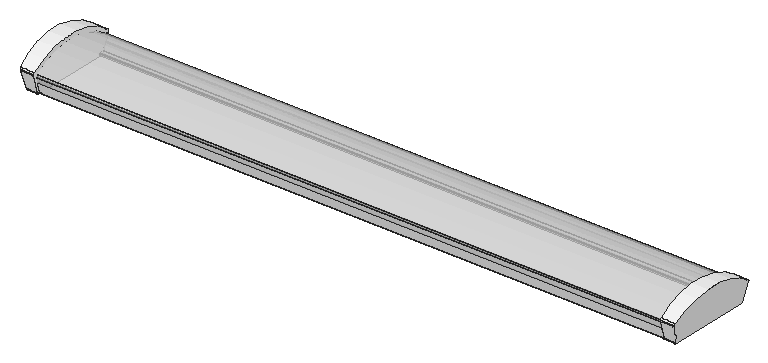
Revit family "0042939", category Lighting Fixtures, host Face, Revit 2023
Family settings
  Host = Face
  Round Connector Dimension = Use Diameter
  Part Type = Normal
  OmniClass Number = 23.80.70.00
  OmniClass Title = Lighting
  Cut with Voids When Loaded = No
  Light Source = Yes
  Maintain Annotation Orientation = No
  Shared = No
  Room Calculation Point = No
Parameters (values of type "DELTAWING 1200 4K MW")
  Weight = "1.965 kg"
  Wattage Comments = ""
  Wattage = 35 W
  WarrantyStartDate [instance] = "n/a"
  WarrantyGuarantorParts = "n/a"
  WarrantyDurationUnit = "Years"
  WarrantyDurationParts = "5"
  WarrantyDescription = "http://www.sylvania-group.com"
  built-in parameter 1150110 = 1 (stored number, unit not read)
  Voltage = 230 V
  URL = "http://www.sylvania-group.com"
  TypeName = "Deltawing G2 1200"
  Type Image = <None>
  Type IFC Predefined Type = "IfcLightFixtureType"
  Type Comments = "n/a"
  built-in parameter 1114217 = 1 (stored number, unit not read)
  Tilt Angle = -90.00°
  built-in parameter 1150109 = 1 (stored number, unit not read)
  built-in parameter 1150134 = 12
  built-in parameter 1150113 = 1 (stored number, unit not read)
  SerialNumber [instance] = "n/a"
  Photometric Web File = "0042939.IES"
  Material_3_SYL = Polycarbonate_Opal_4000K
  PowerFactor = 0.9
  PowerConsumption = "35 W"
  NominalLength = 1160 mm
  NominalHeight = 60 mm  # constant formula
  NominalDepth = 160 mm  # constant formula
  Name = "DELTAWING 1200 4K MW"
  ModelReference = Name  # "DELTAWING 1200 4K MW"
  ModelNumber = "0042939"
  Model = Name  # "DELTAWING 1200 4K MW"
  Material = "PC Polycarbonate, Steel"
  ManufacturerName = Manufacturer  # "Feilo Sylvania"
  Manufacturer = "Feilo Sylvania"
  LuminousEfficacy = "131 lm/W"
  built-in parameter 1150105 = 1479.8 (stored number, unit not read)
  Lumens = 4585 lm
  LuminaireType = "Ceiling surface mounting,Wall surface mounted"
  built-in parameter 1150115 = 1 (stored number, unit not read)
  LightOutputRatio = ""
  built-in parameter 1150137 = (empty or 0)
  built-in parameter 1150139 = (empty or 0)
  LampsType = Lamp  # "LED"
  LampNominalLuminous = "4600 lm"
  LampMacAdamStep = "3"
  LampColourTemperature = "4000 K"
  LampColourRenderingIndex = "80"
  built-in parameter 1150112 = 1 (stored number, unit not read)
  built-in parameter 1150114 = 1 (stored number, unit not read)
  Lamp = "LED"
  Keynote = "16500"
  InstallationDate [instance] = "n/a"
  InputVoltage = "220-240 V"
  InputNominalFrequency = "50/60Hz"
  built-in parameter 1150132 = (empty or 0)
  built-in parameter 1150102 = (empty or 0)
  built-in parameter 1150107 = 4000 (stored number, unit not read)
  built-in parameter 1150138 = (empty or 0)
  IngressProtection = "IP44"
  ImpactProtectionIndex = "IK06"
  built-in parameter 1150106 = 14.798 (stored number, unit not read)
  IfcExportType = "IfcLightFixtureType"
  IfcExportAs = "IfcLightFixtureType"
  Export Type to IFC As = "IfcLightFixtureType"
  Emit from Rectangle Width = NominalDepth - 10 mm  # 150 mm
  Emit from Rectangle Length = NominalLength - (2 mm * 29)  # 1102 mm
  Emit Shape Visible in Rendering = no
  EmergencyLight = no
  ElectricShockClassification = "Class I"
  built-in parameter 1150104 = 12.17 (stored number, unit not read)
  DocumentationLiterature = "https://www.sylvania-lighting.com/product/en-int/products/item code/0042939"
  DimmingControlOptions = "N/A"
  Material_2_SYL = Polycarbonate_RAL9003_White
  Dimming Lamp Color Temperature Shift = <None>
  Description = "DELTAWING 1200 4K MW is a ceiling and wall surface, suspended LED luminaire with opal diffuser, 1160x160x60mm dimensions, 35W system power, 4,600lm flux and 131lm/W efficacy, CRi (Ra) >80, 4000K (Neutral White) CCT, chromaticity tolerance of 3-step MacAdam ellipse, non-dimmable driver with bult-in MW sensor, RAL9003 finishing, L70B50 100khrs / L80B50 80khrs lifespan, IK06 impact resistance, IP44 ingress protection rating (in ceiling surface installation), Electrial protection Class I, Glow wire test 850°C."
  Default Elevation = 1219.2 mm
  CreatedOn = "25/09/2024"
  CreatedBy = "petra.pavlicz@sylvania-lighting.com"
  Cost = 0
  Color Filter = 16777215
  built-in parameter 1114216 [instance] = (empty or 0)
  ClassificationValue = "EF_70_80"
  ClassificationName = "Uniclass2015"
  Material_1_SYL = Steel_RAL9003_White
  BarCode [instance] = "n/a"
  built-in parameter 1114218 = 1 (stored number, unit not read)
  built-in parameter 1150133 = 10 (stored number, unit not read)
  AssetType = "Fixed"
  AssetIdentifier [instance] = "n/a"
  Assembly Code = "D5020200"
  Material_4_SYL = none
  Apparent Load = 38.9 VA
Reference planes
  plane 1 "Center (Front/Back)": y = 0
  plane 2 "Bottom": z = 0
  plane 3 "Center (Left/Right)": x = 0
  plane 4 "Back": y = 80
  plane 5 "Front": y = -80
  plane 6 "Left": x = -580
  plane 7 "Right": x = 580
  plane 8: x = 264.5
  plane 9 "Cap left": x = -551
  plane 10 "Cap right": x = 551
  plane 11 "Body top": z = 22
  plane 12 "Top": z = 60
Forms (mm)
  Extrusion 1, solid, material "Polycarbonate_RAL9003_White" <- "Material_2_SYL"
    sketch origin (0, 0, 0) x (0, 1, 0) y (0, 0, 1)
      loop
        arc (78.9, 36.72) -> (0, 62.912) -> (-78.9, 36.72) r 131.933
        arc (-78.9, 36.72) -> (-80.262, 35.303) -> (-81.093, 33.522) r 6.006
        arc (-81.093, 33.522) -> (-81.203, 32.715) -> (-81.093, 31.909) r 2.998
        line (-81.093, 31.909) -> (-72.433, 0.732)
        arc (-72.433, 0.732) -> (-72.074, 0.204) -> (-71.469, 0) r 1
        line (-71.469, 0) -> (71.469, 0)
        arc (71.469, 0) -> (72.074, 0.204) -> (72.433, 0.732) r 1
        line (72.433, 0.732) -> (81.093, 31.909)
        arc (81.093, 31.909) -> (81.203, 32.715) -> (81.093, 33.522) r 2.998
        arc (81.093, 33.522) -> (80.262, 35.303) -> (78.9, 36.72) r 6.006
    from 551 to 580
  Extrusion 2, solid, material "Polycarbonate_RAL9003_White" <- "Material_2_SYL"
    sketch origin (0, 0, 0) x (0, 1, 0) y (0, 0, -1)
      loop
        arc (78.9, -36.72) -> (80.262, -35.303) -> (81.093, -33.522) r 6.006
        arc (81.093, -33.522) -> (81.203, -32.715) -> (81.093, -31.909) r 2.998
        line (81.093, -31.909) -> (72.433, -0.732)
        arc (72.433, -0.732) -> (72.074, -0.204) -> (71.469, 0) r 1
        line (71.469, 0) -> (-71.469, 0)
        arc (-71.469, 0) -> (-72.074, -0.204) -> (-72.433, -0.732) r 1
        line (-72.433, -0.732) -> (-81.093, -31.909)
        arc (-81.093, -31.909) -> (-81.203, -32.715) -> (-81.093, -33.522) r 2.998
        arc (-81.093, -33.522) -> (-80.262, -35.303) -> (-78.9, -36.72) r 6.006
        arc (-78.9, -36.72) -> (0, -62.912) -> (78.9, -36.72) r 131.933
    from 551 to 580
  Extrusion 3, solid, material "Polycarbonate_Opal_4000K" <- "Material_3_SYL"
    sketch origin (0, 0, 0) x (0, 1, 0) y (0, 0, 1)
      loop
        arc (-76.224, 31.506) -> (-77.363, 29.839) -> (-77.21, 27.825) r 3.048
        line (-77.21, 27.825) -> (-69.466, 0.817) -> (-61.986, 0.817) -> (-60.994, 4.521) -> (-60.994, 6) -> (-69.591, 6) -> (-75.893, 28.687)
        arc (-75.893, 28.687) -> (-75.707, 29.707) -> (-75.049, 30.508) r 2.061
        arc (-75.049, 30.508) -> (0, 54.886) -> (75.049, 30.508) r 127.709
        arc (75.049, 30.508) -> (75.707, 29.707) -> (75.893, 28.687) r 2.061
        line (75.893, 28.687) -> (69.591, 6) -> (60.994, 6) -> (60.994, 4.521) -> (61.986, 0.817) -> (69.466, 0.817) -> (77.21, 27.825)
        arc (77.21, 27.825) -> (77.363, 29.839) -> (76.224, 31.506) r 3.048
        arc (76.224, 31.506) -> (0, 56.5) -> (-76.224, 31.506) r 128.727
    from -551 to 551
  Extrusion 4, solid, material "Steel_RAL9003_White" <- "Material_1_SYL"
    sketch origin (0, 0, 0) x (0, 1, 0) y (0, 0, 1)
      loop
        line (-75.289, 17.92) -> (-70.492, 0.652)
        arc (-70.492, 0.652) -> (-70.134, 0.124) -> (-69.529, -0.08) r 1
        line (-69.529, -0.08) -> (69.529, -0.08)
        arc (69.529, -0.08) -> (70.134, 0.124) -> (70.492, 0.652) r 1
        line (70.492, 0.652) -> (75.289, 17.92) -> (74.518, 18.134) -> (69.762, 1.013)
        arc (69.762, 1.013) -> (69.511, 0.643) -> (69.088, 0.5) r 0.7
        line (69.088, 0.5) -> (-69.088, 0.5)
        arc (-69.088, 0.5) -> (-69.511, 0.643) -> (-69.762, 1.013) r 0.7
        line (-69.762, 1.013) -> (-74.518, 18.134) -> (-75.289, 17.92)
    from -551 to 551
  Extrusion 5, void
    sketch origin (0, 0, 0) x (1, 0, 0) y (0, 0, 1)
      loop
        line (-579.874, 62.115) -> (-585.036, 62.115) -> (-585.036, 0) -> (-570.036, 0) -> (-579.874, 62.115)
    from -107.497 to 104.736
  Extrusion 6, void
    sketch origin (0, 0, 0) x (-1, 0, 0) y (0, 0, -1)
      loop
        line (-579.874, -62.115) -> (-570.036, 0) -> (-585.036, 0) -> (-585.036, -62.115) -> (-579.874, -62.115)
    from -107.497 to 104.736
Cuts and joins
  Extrusion 5, Extrusion 6 cuts Extrusion 2
  Extrusion 6 cuts Extrusion 1
Dimensions and locks
  "NominalDepth": plane 4 "Back" to plane 5 "Front"
  equal spacing: plane 4 "Back", plane 1 "Center (Front/Back)", plane 5 "Front"
  "NominalLength": plane 6 "Left" to plane 7 "Right"
  equal spacing: plane 6 "Left", plane 3 "Center (Left/Right)", plane 7 "Right"
  "NominalHeight": plane 12 "Top" to plane 2 "Bottom"
  locked: plane 6 "Left" to plane 9 "Cap left" at 29
  locked: plane 10 "Cap right" to plane 7 "Right" at 29
  aligned and locked: plane 2 "Bottom" to host face
  aligned and locked: level to host face
  aligned and locked: plane 7 "Right" to Extrusion 1
  aligned and locked: Extrusion 1 to plane 10 "Cap right"
  aligned and locked: Extrusion 2 to plane 6 "Left"
  aligned and locked: plane 9 "Cap left" to Extrusion 2
  aligned and locked: plane 10 "Cap right" to Extrusion 3
  aligned and locked: Extrusion 3 to plane 9 "Cap left"
  aligned and locked: Extrusion 4 to plane 9 "Cap left"
  aligned and locked: plane 10 "Cap right" to Extrusion 4
  aligned and locked: plane 11 "Body top" to imposter light
Automatic sketch dimensions
  host sketch curve to host sketch curve = 2438.4 mm  (x2)
  Extrusion 1 sketch curve to level = 0 mm
  Extrusion 1 sketch curve to plane 1 "Center (Front/Back)" = 0 mm
  level to Extrusion 1 sketch curve = 1 mm
  plane 5 "Front" to Extrusion 1 sketch curve = 8.531 mm
  level to Extrusion 1 sketch curve = 0.732 mm  (x2)
  plane 5 "Front" to Extrusion 1 sketch curve = 4.692 mm
  plane 5 "Front" to Extrusion 1 sketch curve = 1.795 mm
  Extrusion 1 sketch curve to plane 4 "Back" = 8.531 mm
  Extrusion 1 sketch curve to Extrusion 1 sketch curve = 0.963 mm
  Extrusion 1 sketch curve to plane 4 "Back" = 4.692 mm
  Extrusion 1 sketch curve to plane 4 "Back" = 1.795 mm
  plane 4 "Back" to Extrusion 1 sketch curve = 1.093 mm
  Extrusion 1 sketch curve to level = 69.021 mm
  plane 11 "Body top" to Extrusion 1 sketch curve = 9.906 mm  (x2)
  Extrusion 1 sketch curve to Extrusion 1 sketch curve = 0.002 mm
  Extrusion 1 sketch curve to Extrusion 1 sketch curve = 0.807 mm
  Extrusion 1 sketch curve to Extrusion 1 sketch curve = 0.809 mm
  plane 5 "Front" to Extrusion 1 sketch curve = 1.1 mm
  Extrusion 1 sketch curve to Extrusion 1 sketch curve = 0 mm  (x3)
  Extrusion 1 sketch curve to plane 5 "Front" = 1.093 mm
  Extrusion 1 sketch curve to Extrusion 1 sketch curve = 0.001 mm
  Extrusion 1 sketch curve to Extrusion 1 sketch curve = 0.003 mm
  level to Extrusion 2 sketch curve = 0 mm
  Extrusion 2 sketch curve to plane 1 "Center (Front/Back)" = 0 mm
  level to Extrusion 2 sketch curve = 1 mm
  plane 5 "Front" to Extrusion 2 sketch curve = 8.531 mm
  level to Extrusion 2 sketch curve = 0.732 mm  (x2)
  plane 5 "Front" to Extrusion 2 sketch curve = 4.692 mm
  plane 5 "Front" to Extrusion 2 sketch curve = 1.795 mm
  Extrusion 2 sketch curve to plane 4 "Back" = 8.531 mm
  Extrusion 2 sketch curve to Extrusion 2 sketch curve = 0.963 mm
  Extrusion 2 sketch curve to plane 4 "Back" = 4.692 mm
  Extrusion 2 sketch curve to plane 4 "Back" = 1.795 mm
  plane 4 "Back" to Extrusion 2 sketch curve = 1.093 mm
  plane 11 "Body top" to Extrusion 2 sketch curve = 9.906 mm  (x2)
  Extrusion 2 sketch curve to Extrusion 2 sketch curve = 0.002 mm
  Extrusion 2 sketch curve to Extrusion 2 sketch curve = 0.807 mm
  Extrusion 2 sketch curve to Extrusion 2 sketch curve = 0.809 mm
  Extrusion 2 sketch curve to level = 69.021 mm
  plane 5 "Front" to Extrusion 2 sketch curve = 1.1 mm
  Extrusion 2 sketch curve to Extrusion 2 sketch curve = 0 mm  (x3)
  Extrusion 2 sketch curve to plane 5 "Front" = 1.093 mm
  Extrusion 2 sketch curve to Extrusion 2 sketch curve = 0.001 mm
  Extrusion 2 sketch curve to Extrusion 2 sketch curve = 0.003 mm
  Extrusion 3 sketch curve to plane 1 "Center (Front/Back)" = 0 mm  (x2)
  level to Extrusion 3 sketch curve = 4.521 mm  (x2)
  plane 5 "Front" to Extrusion 3 sketch curve = 19.006 mm
  level to Extrusion 3 sketch curve = 0.817 mm  (x2)
  Extrusion 3 sketch curve to Extrusion 3 sketch curve = 0.993 mm  (x2)
  Extrusion 3 sketch curve to Extrusion 3 sketch curve = 7.479 mm  (x2)
  Extrusion 3 sketch curve to Extrusion 3 sketch curve = 0.125 mm  (x2)
  plane 5 "Front" to Extrusion 3 sketch curve = 6.163 mm
  Extrusion 3 sketch curve to Extrusion 3 sketch curve = 0.582 mm  (x2)
  Extrusion 3 sketch curve to Extrusion 3 sketch curve = 1.474 mm  (x2)
  Extrusion 3 sketch curve to Extrusion 3 sketch curve = 1.317 mm  (x2)
  Extrusion 3 sketch curve to plane 4 "Back" = 19.006 mm
  Extrusion 3 sketch curve to plane 4 "Back" = 6.163 mm
  Extrusion 3 sketch curve to level = 72.227 mm
  Extrusion 3 sketch curve to Extrusion 3 sketch curve = 0.596 mm
  Extrusion 3 sketch curve to Extrusion 3 sketch curve = 5.183 mm
  Extrusion 3 sketch curve to Extrusion 3 sketch curve = 1.479 mm
  plane 11 "Body top" to Extrusion 3 sketch curve = 5.825 mm  (x2)
  Extrusion 3 sketch curve to Extrusion 3 sketch curve = 0.862 mm  (x2)
  Extrusion 3 sketch curve to Extrusion 3 sketch curve = 0.153 mm  (x2)
  Extrusion 3 sketch curve to Extrusion 3 sketch curve = 0.21 mm  (x2)
  Extrusion 3 sketch curve to Extrusion 3 sketch curve = 0 mm  (x2)
  plane 5 "Front" to Extrusion 4 sketch curve = 4.711 mm
  Extrusion 4 sketch curve to Extrusion 4 sketch curve = 0.771 mm
  level to Extrusion 4 sketch curve = 0.652 mm  (x2)
  plane 5 "Front" to Extrusion 4 sketch curve = 9.508 mm
  level to Extrusion 4 sketch curve = 1.013 mm  (x2)
  Extrusion 4 sketch curve to Extrusion 4 sketch curve = 0.73 mm  (x2)
  Extrusion 4 sketch curve to Extrusion 4 sketch curve = 0.233 mm  (x2)
  level to Extrusion 4 sketch curve = 0.5 mm
  Extrusion 4 sketch curve to Extrusion 4 sketch curve = 0.441 mm  (x2)
  Extrusion 4 sketch curve to plane 4 "Back" = 10.912 mm
  Extrusion 4 sketch curve to plane 4 "Back" = 5.482 mm
  Extrusion 4 sketch curve to plane 11 "Body top" = 4.08 mm
  Extrusion 4 sketch curve to level = 0.08 mm
  Extrusion 5 sketch curve to level = 0 mm
  Extrusion 5 sketch curve to plane 6 "Left" = 5.036 mm
  plane 6 "Left" to Extrusion 5 sketch curve = 0.126 mm
  plane 6 "Left" to Extrusion 5 sketch curve = 9.964 mm
  plane 12 "Top" to Extrusion 5 sketch curve = 2.115 mm
  Extrusion 6 sketch curve to level = 0 mm
  plane 7 "Right" to Extrusion 6 sketch curve = 5.036 mm
  Extrusion 6 sketch curve to plane 7 "Right" = 0.126 mm
  Extrusion 6 sketch curve to plane 7 "Right" = 9.964 mm
  plane 12 "Top" to Extrusion 6 sketch curve = 2.115 mm
Connectors
  electrical at (0, 0, 0), driven by "Apparent Load", driven by "PowerFactor", driven by "Voltage"
    settings: index 1, voltage 230 V, apparent load 38.9 VA, apparent load phase1 0 VA, apparent load phase2 0 VA, apparent load phase3 0 VA, power factor 0.9, load classification "Lighting", number of poles 1, system type 30, power factor state 1, is connector primary yes, connector utility no, sub classification motor no, connector description ""
